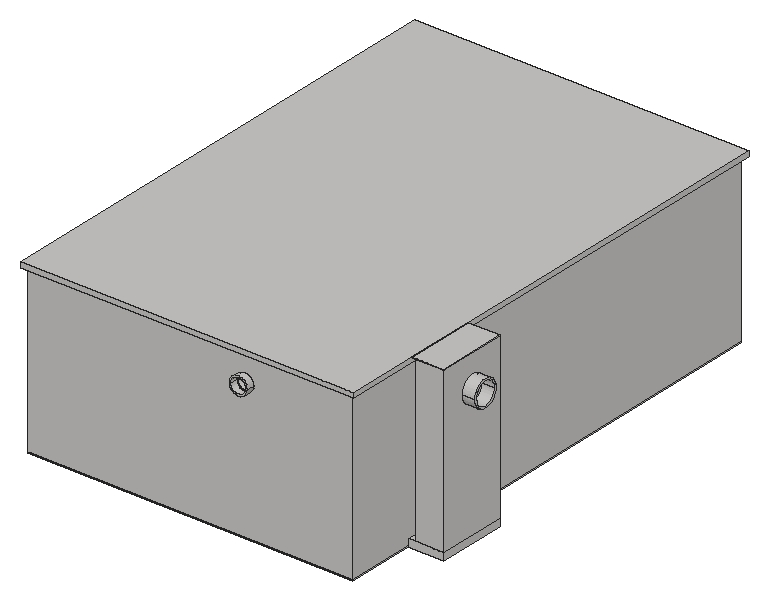
Revit family "Interceptor_Oil_Large_Capacity-Zurn-Z1188-ST", category Plumbing Fixtures, Revit 2022
Family settings
  Round Connector Dimension = Use Radius
  Part Type = Normal
  OmniClass Number = 23.45.30.00
  OmniClass Title = Washing and Waste Disposal Equipment
  Work Plane-Based = No
  Always vertical = Yes
  Cut with Voids When Loaded = No
  Maintain Annotation Orientation = No
  Shared = No
  Room Calculation Point = No
Parameters (values of type "Load Family Type Catalog")
  Width of Body (G) = 65.375"
  Water Capacity Gal (L) = 88.000"
  Waste Connection = 1 = 1  # yes
  WFU = 1  # constant formula
  Vent Radius = 1.000"  # constant formula
  Vent Connection = 1 = 0  # no
  URL = "www.zurn.com"
  Type Comments = "Z1188-ST-75 G.P.M-3 Inch Outlet"
  Sanitary Radius = 1.000"  # constant formula
  Product data url = "https://www.bimobject.com/en/zurnindustries/product/zurn-z1188-st"
  Product Page URL = "https://www.zurn.com/products/drainage-interceptors/interceptors/oils-and-solids-interceptor/z1188-st"
  Product Installation Sheet URL = "https://files.zurn.com/care-cleaning-install-warranty-sheets/it78.pdf"
  Product Documentation Link = "https://files.zurn.com/spec-sheets/82890.pdf"
  Overall Length (F) = 51.375"
  No.of Covers = 1.000"
  Modified Date = "12/26/2025"  # constant formula
  Model = "Z1188-ST"  # constant formula
  Manufacurer Brand = "Zurn"  # constant formula
  Manufacturer = "Zurn Water, LLC"  # constant formula
  Main Material = Steel - Zurn - Fabricated - Acid resistant Coated
  Inlet/Outlet Radius (Inner) = 1.534"
  Inlet/Outlet Radius (Actual) = 1.750"
  Inlet/Outlet Connetor Radius = 1.500"
  Inlet/Outlet (D/E) = 18.500"
  Height of Body (C) = 22.750"
  HWFU = 0  # constant formula
  HW Connection = 1 = 0  # no
  Extented Box Length = 9.250"  # constant formula
  Extension Box Width = 4.250"  # constant formula
  Dimension (J) = 15.500"
  Dimension (H) = 29.250"
  Description = "LARGE CAPACITY OIL INTERCEPTOR W/ INTEGRAL STORAGE TANK"  # constant formula
  Default Elevation = 25.000"  # constant formula
  Date Created = "09/29/2015"  # constant formula
  Center Lenght of G = 14.3125"
  CWFU = 0  # constant formula
  CW Connection = 1 = 0  # no
  Assembly Code = "D2090300"
  Approx. Weight (Lbs) = 615.000"
Reference planes (in)
  plane 1 "Center (Front/Back)": y = 0
  plane 2: z = 0
  plane 3 "Center (Left/Right)": x = 0
Dimensions and locks (in)
  aligned and locked: plane 2 to level
  aligned and locked: plane 3 "Center (Left/Right)" to nested 1
  aligned and locked: level to nested 1
  aligned and locked: nested 1 to plane 1 "Center (Front/Back)"
Nested families (in)
  nested 1: "Z1188-ST" at (0, 32.6875, 22.094), Main Material <- "Main Material", Inlet/Outlet Connetor Radius <- "Inlet/Outlet Connetor Radius", Inlet/Outlet Radius (Inner) <- "Inlet/Outlet Radius (Inner)", Inlet/Outlet Radius (Actual) <- "Inlet/Outlet Radius (Actual)", Height of Body (C) <- "Height of Body (C)", Inlet/Outlet (D/E) <- "Inlet/Outlet (D/E)", Overall Length (F) <- "Overall Length (F)", Width of Body (G) <- "Width of Body (G)", Center Lenght of G <- "Center Lenght of G", Dimension (H) <- "Dimension (H)", Dimension (J) <- "Dimension (J)", Extension Box Width <- "Extension Box Width", Extented Box Length <- "Extented Box Length", Vent Radius <- "Vent Radius", Sanitary Radius <- "Sanitary Radius", type "Load Family Type Catalog"
    with Width of Body (G) 65.375", Vent Radius 1.000", Sanitary Radius 1.000", Overall Length (F) 51.375", Main Material Steel - Zurn - Fabricated - Acid resistant Coated, Inlet/Outlet Radius (Inner) 1.534", Inlet/Outlet Radius (Actual) 1.750", Inlet/Outlet Connetor Radius 1.500", Inlet/Outlet (D/E) 18.500", Height of Body (C) 22.750", Extented Box Length 9.250", Extension Box Width 4.250", Dimension (J) 15.500", Dimension (H) 29.250", Center Lenght of G 14.3125"
Connectors (in)
  piping at (-25.6875, -18.3755, 18.5), diameter 3, driven by "Inlet/Outlet Connetor Radius", driven by "Waste Connection"
    settings: on nested 1, index 1, connector inside diameter 24", connector length 0.000", flow factor 0, pipe flow 0 GPM, pressure drop 0.00 psi, fitting loss kfactor 0, connector angle 0.00°, fixture units 0, engagement length 0.000", angle of deflection 0.00°, flow configuration 0, flow direction 1, fitting loss method 0, system type 16, joint type 0, gender type 0, connector reference index -1, connector utility 1, adjustable connector no, is connector primary yes, connector description "Inlet Connection"
  piping at (25.6875, -18.375, 18.5), diameter 3, driven by "Inlet/Outlet Connetor Radius", driven by "Waste Connection"
    settings: on nested 1, index 2, connector inside diameter 24", connector length 0.000", flow factor 0, pipe flow 0 GPM, pressure drop 0.00 psi, fitting loss kfactor 0, connector angle 0.00°, fixture units 0, engagement length 0.000", angle of deflection 0.00°, flow configuration 0, flow direction 2, fitting loss method 0, system type 16, joint type 0, gender type 0, connector reference index -1, connector utility 1, adjustable connector no, is connector primary no, connector description "Outlet Connection"
  piping at (4.75, -33.125, 18.5), diameter 2, driven by "Vent Radius", driven by "Vent Connection"
    settings: on nested 1, index 3, connector inside diameter 24", connector length 0.000", flow factor 0, pipe flow 0 GPM, pressure drop 0.00 psi, fitting loss kfactor 0, connector angle 0.00°, fixture units 0, engagement length 0.000", angle of deflection 0.00°, flow configuration 0, flow direction 2, fitting loss method 0, system type 17, joint type 0, gender type 0, connector reference index -1, connector utility 0, adjustable connector no, is connector primary no, connector description "Vent Connection"
  piping at (4.75, 33.125, 18.5), diameter 2, driven by "Vent Radius", driven by "Vent Connection"
    settings: on nested 1, index 4, connector inside diameter 24", connector length 0.000", flow factor 0, pipe flow 0 GPM, pressure drop 0.00 psi, fitting loss kfactor 0, connector angle 0.00°, fixture units 0, engagement length 0.000", angle of deflection 0.00°, flow configuration 0, flow direction 2, fitting loss method 0, system type 17, joint type 0, gender type 0, connector reference index -1, connector utility 0, adjustable connector no, is connector primary no, connector description "Vent Connection"
Definition of nested family "Z1188-ST"
  Parameters (values of type "Load Family Type Catalog")
    Width of Body (G) [instance] = 65.375"
    Water Capacity Gal (L) = 88.000"
    Waste Connection = 1 = 1  # yes
    WFU = 1  # constant formula
    Vent Radius [instance] = 1.000"
    Vent Connection = 1 = 0  # no
    URL = "www.zurn.com"
    Type Comments = "Z1188-ST-75 G.P.M-3 Inch Outlet"
    Sanitary Radius [instance] = 1.000"
    Product data url = "https://www.bimobject.com/en/zurnindustries/product/zurn-z1188-st"
    Product Page URL = "https://www.zurn.com/products/drainage-interceptors/interceptors/oils-and-solids-interceptor/z1188-st"
    Product Installation Sheet URL = "https://files.zurn.com/care-cleaning-install-warranty-sheets/it78.pdf"
    Product Documentation Link = "https://files.zurn.com/spec-sheets/82890.pdf"
    Overall Length (F) [instance] = 51.375"
    No.of Covers = 1.000"
    Modified Date = "12/26/2025"  # constant formula
    Model = "Z1188-ST"  # constant formula
    Manufacurer Brand = "Zurn"  # constant formula
    Manufacturer = "Zurn Water, LLC"  # constant formula
    Main Material [instance] = none
    Inlet/Outlet Radius (Inner) [instance] = 1.534"
    Inlet/Outlet Radius (Actual) [instance] = 1.750"
    Inlet/Outlet Connetor Radius [instance] = 1.500"
    Inlet/Outlet (D/E) [instance] = 18.500"
    Height of Body (C) [instance] = 22.750"
    HWFU = 0  # constant formula
    HW Connection = 1 = 0  # no
    Extented Box Length [instance] = 9.250"
    Extension Box Width [instance] = 4.250"
    Dimension (J) [instance] = 15.500"
    Dimension (H) [instance] = 29.250"
    Description = "LARGE CAPACITY OIL INTERCEPTOR W/ INTEGRAL STORAGE TANK"  # constant formula
    Default Elevation = 25.000"  # constant formula
    Date Created = "09/29/2015"  # constant formula
    Center Lenght of G [instance] = 14.3125"
    CWFU = 0  # constant formula
    CW Connection = 1 = 0  # no
    Assembly Code = "D2090300"
    Approx. Weight (Lbs) = 615.000"
  Reference planes (in)
    plane 1 "Center (Front/Back)": y = 0
    plane 2: z = 0
    plane 3 "Center (Left/Right)": x = 0
    plane 4: x = -25.6875
    plane 5: x = 25.6875
    plane 6: z = 0.125
    plane 7: x = -24.5
    plane 8: z = 0.656
    plane 9: z = -22.094
    plane 10: x = 19.687
    plane 11: x = 23.937
    plane 12: z = 0.56225
    plane 13: z = -21.094
    plane 14: x = 19.124
    plane 15: z = -21.969
    plane 16: x = -23.9375
    plane 17: x = 20.1245
    plane 18: x = 22.281
    plane 19: z = -3.594
    plane 20: z = -6.594
    plane 21: z = -9.844
    plane 22: x = 4.75
    plane 23: z = -0.125
    plane 24: z = -21.844
    plane 25: x = 18.999
    plane 26: x = -23.8125
    plane 27: y = -65.375
    plane 28: y = -32.6875
    plane 29: y = -0.5625
    plane 30: y = -64.8125
    plane 31: y = -0.6875
    plane 32: y = -64.6875
    plane 33: z = -1.844
    plane 34: z = -5.344
    plane 35: y = -46.4375
    plane 36: y = -55.6875
    plane 37: y = -65.8125
    plane 38: y = 0.4375
    plane 39: x = 3.5625
    plane 40: x = 5.9375
    plane 41: z = -5.406
    plane 42: z = -7.7815
    plane 43: z = -2.406
    plane 44: z = -4.782
    plane 45: y = -51.0625
    plane 46: y = -49.3125
    plane 47: y = -52.8125
  Forms (in)
    Extrusion 1, solid, material <- "Main Material", detail levels fine
      sketch origin (0, 0, -13.344) x (1, 0, 0) y (0, 0, 1)
        loop
          line (-24.5, 14) -> (-24.5, 13.344) -> (19.687, 13.344) -> (19.687, 14) -> (-24.5, 14)
      from 0 to 65.375
    Extrusion 2, solid, material <- "Main Material", detail levels fine
      sketch origin (11.125, 0, -11.9065) x (1, 0, 0) y (0, 1, 0)
        loop
          line (8.9995, -46.4375) -> (8.9995, -55.6875) -> (12.812, -55.6875) -> (12.812, -46.4375) -> (8.9995, -46.4375)
      from -9.1875 to 12.46875
    Extrusion 3, solid, material <- "Main Material", detail levels fine
      sketch origin (0, -18.375, -13.344) x (0, 1, 0) y (0, 0, 1)
        loop
          circle (-32.6875, 9.75) r 1.75
      from -25.6875 to -23.9375
    Extrusion 4, solid, material <- "Main Material", detail levels fine
      sketch origin (2.6255, -1.53679, -13.344) x (1, 0, 0) y (0, 0, 1)
        loop
          line (16.4985, -7.75) -> (16.4985, -8.75) -> (21.3115, -8.75) -> (21.3115, -7.75) -> (16.4985, -7.75)
      from 44.90071 to 54.15071
    Extrusion 5, solid, material <- "Main Material", detail levels fine
      sketch origin (0.4375, -65.375, -13.344) x (1, 0, 0) y (0, 0, 1)
        loop
          line (19.2495, 14) -> (19.2495, 13.90625) -> (23.4995, 13.90625) -> (23.4995, 14) -> (19.2495, 14)
      from -18.9375 to -9.6875
    Extrusion 6, solid, material <- "Main Material", detail levels fine
      sketch origin (0, -65.375, -13.344) x (1, 0, 0) y (0, 0, 1)
        loop
          circle (4.75, 9.75) r 1.188
      from -65.8125 to 0.4375
    Extrusion 7, solid, material <- "Main Material", detail levels fine
      sketch origin (0, -65.375, -13.344) x (1, 0, 0) y (0, 0, 1)
        loop
          line (-23.9375, -8.625) -> (-23.9375, -8.75) -> (19.124, -8.75) -> (19.124, -8.625) -> (-23.9375, -8.625)
      from -0.5625 to -64.8125
    Extrusion 8, solid, material <- "Main Material", detail levels fine
      sketch origin (0, -65.375, -13.344) x (1, 0, 0) y (0, 0, 1)
        loop
          line (-23.9375, 13.344) -> (-23.9375, -8.625) -> (19.124, -8.625) -> (19.124, 13.344) -> (-23.9375, 13.344)
      from -0.5625 to -64.8125
    Extrusion 9, void, detail levels fine
      sketch origin (0, 0, 0) x (1, 0, 0) y (0, 1, 0)
        loop
          line (-23.8125, -0.6875) -> (-23.8125, -64.6875) -> (18.999, -64.6875) -> (18.999, -0.6875) -> (-23.8125, -0.6875)
      from -21.844 to -0.125
    Extrusion 10, solid, material <- "Main Material", detail levels fine
      sketch origin (0, -18.3745, -13.344) x (0, 1, 0) y (0, 0, -1)
        loop
          circle (-32.688, -9.75) r 1.75
      from -25.6875 to -23.937
    Extrusion 11, void, detail levels fine
      sketch origin (0, -18.3745, 0) x (0, 1, 0) y (0, 0, 1)
        loop
          circle (-32.688, -3.594) r 1.534
      from 23.937 to 25.6875
    Extrusion 12, void, detail levels fine
      sketch origin (0, -18.375, 0) x (0, 1, 0) y (0, 0, 1)
        loop
          circle (-32.688, -3.594) r 1.534
      from -25.6875 to -23.9375
    Extrusion 13, void, detail levels fine
      sketch origin (0, 0, 0) x (1, 0, 0) y (0, 0, 1)
        loop
          circle (4.75, -3.594) r 1
      from -0.4375 to 65.8125
  Cuts and joins
    Extrusion 9, Extrusion 11, Extrusion 12, Extrusion 13 cuts Extrusion 8
    Extrusion 13 cuts Extrusion 6
    Extrusion 9 cuts Extrusion 1
    Extrusion 11, Extrusion 12 cuts Extrusion 2
    Extrusion 11, Extrusion 12 cuts Extrusion 10
    Extrusion 12 cuts Extrusion 3
  Lines and regions (in)
    Masking region 1, detail levels fine
      outline origin (-16.5126, -180, -3.594) x (-1, 0, 0) y (0, -1, 0)
        loop
          line (-42.2001, -127.1875) -> (-42.2001, -130.6875) -> (-40.4496, -130.6875) -> (-40.4496, -133.5625) -> (-36.1996, -133.5625) -> (-36.1996, -180) -> (-22.4501, -180) -> (-22.4501, -180.4375) -> (-20.0751, -180.4375) -> (-20.0751, -180) -> (7.9874, -180) -> (7.9874, -130.6875) -> (9.1749, -130.6875) -> (9.1749, -127.1875) -> (7.9874, -127.1875) -> (7.9874, -114.625) -> (-20.0751, -114.625) -> (-20.0751, -114.1875) -> (-22.4501, -114.1875) -> (-22.4501, -114.625) -> (-36.1996, -114.625) -> (-36.1996, -124.3125) -> (-40.4496, -124.3125) -> (-40.4496, -127.1875) -> (-42.2001, -127.1875)
    model lines, detail levels coarse+medium
      curve 1: line (-24.5, 0, 0.656) -> (-24.5, -65.375, 0.656)
      curve 2: line (-25.6875, -49.3125, -3.594) -> (-25.6875, -52.8125, -3.594)
      curve 21: line (4.75, 0.4375, -2.406) -> (4.75, 0.4375, -4.782)
      curve 22: line (4.75, -65.8125, -2.406) -> (4.75, -65.8125, -4.782)
      curve 23: line (4.75, 0.4375, -3.594) -> (4.75, -65.8125, -3.594)
      curve 24: line (3.5625, 0.4375, -3.594) -> (5.9375, 0.4375, -3.594)
      curve 25: line (3.5625, -65.8125, -3.594) -> (5.9375, -65.8125, -3.594)
      curve 30: line (-24.5, -32.6875, 0.656) -> (-24.5, -32.6875, 0)
      curve 31: line (-24.5, -32.6875, 0) -> (-23.9375, -32.6875, 0)
      curve 32: line (-23.9375, -32.6875, 0) -> (-23.9375, -32.6875, -22.094)
      curve 33: line (-24.5, -32.6875, 0.656) -> (19.687, -32.6875, 0.656)
      curve 34: line (19.687, -32.6875, 0.656) -> (19.687, -32.6875, 0)
      curve 35: line (19.124, -32.6875, 0) -> (19.687, -32.6875, 0)
      curve 36: line (19.124, -32.6875, 0) -> (19.124, -32.6875, -22.094)
      curve 37: line (-23.9375, -32.6875, -22.094) -> (19.124, -32.6875, -22.094)
      curve 38: line (19.687, 0, 0.656) -> (19.687, -65.375, 0.656)
      curve 39: line (-24.5, -65.375, 0.656) -> (19.687, -65.375, 0.656)
      curve 40: line (-24.5, 0, 0.656) -> (19.687, 0, 0.656)
      curve 41: line (-25.6875, -51.0625, -3.594) -> (25.6875, -51.0625, -3.594)
      curve 42: line (-25.6875, -49.3125, -3.594) -> (-25.6875, -52.8125, -3.594)
      curve 43: line (25.6875, -49.3125, -3.594) -> (25.6875, -52.8125, -3.594)
      curve 44: line (-25.6875, -51.0625, -1.844) -> (-25.6875, -51.0625, -5.344)
      curve 45: line (25.6875, -51.0625, -1.844) -> (25.6875, -51.0625, -5.344)
    symbolic lines, detail levels coarse+medium
      curve 3: line (-24.5, -32.6875, 0.656) -> (23.937, -32.6875, 0.656)
      curve 4: line (-24.5, -32.6875, 0.656) -> (-24.5, -32.6875, 0)
      curve 5: line (-24.5, -32.6875, 0) -> (-23.9375, -32.6875, 0)
      curve 6: line (-23.9375, -32.6875, 0) -> (-23.9375, -32.6875, -22.094)
      curve 7: line (-23.9375, -32.6875, -22.094) -> (23.937, -32.6875, -22.094)
      curve 8: line (23.937, -32.6875, 0.656) -> (23.937, -32.6875, -22.094)
      curve 9: line (-25.6875, -32.6875, -3.594) -> (25.6875, -32.6875, -3.594)
      curve 10: line (25.6875, -32.6875, -1.844) -> (25.6875, -32.6875, -5.344)
      curve 11: line (-25.6875, -32.6875, -1.844) -> (-25.6875, -32.6875, -5.344)
      curve 12: line (4.75, 0, 0.656) -> (4.75, -65.375, 0.656)
      curve 13: line (4.75, -0.5625, 0) -> (4.75, -0.5625, -22.094)
      curve 14: line (4.75, -64.8125, 0) -> (4.75, -64.8125, -22.094)
      curve 15: line (4.75, -65.375, 0.656) -> (4.75, -65.375, 0)
      curve 16: line (4.75, -65.375, 0) -> (4.75, -64.8125, 0)
      curve 17: line (4.75, 0, 0.656) -> (4.75, 0, 0)
      curve 18: line (4.75, 0, 0) -> (4.75, -0.5625, 0)
      curve 19: line (4.75, -0.5625, -22.094) -> (4.75, -64.8125, -22.094)
      curve 20: line (4.75, 0.4375, -3.594) -> (4.75, -65.8125, -3.594)
      curve 28: line (4.75, -32.6875, -1.844) -> (4.75, -32.6875, -5.344)
      curve 29: line (4.75, -32.6875, -2.406) -> (4.75, -32.6875, -4.782)
    symbolic lines
      curve 26: line (4.75, 0.4375, -2.406) -> (4.75, 0.4375, -4.782)
      curve 27: line (4.75, -65.8125, -2.406) -> (4.75, -65.8125, -4.782)
  Dimensions and locks (in)
    equal spacing: plane 5, plane 3 "Center (Left/Right)", plane 4
    "Overall Length (F)": plane 5 to plane 4
    plane 7 to plane 4 = 1.1875"
    plane 8 to level = 0.656"
    "Height of Body (C)": plane 8 to plane 9
    "Extension Box Width": plane 11 to plane 10
    plane 8 to plane 12 = 0.09375"
    locked: plane 13 to plane 9 at 1
    plane 15 to plane 9 = 0.125"
    plane 18 to plane 10 = 2.594"
    "Inlet/Outlet (D/E)": plane 19 to plane 9
    "Dimension (J)": plane 20 to plane 9
    "Dimension (H)": plane 22 to plane 7
    plane 16 to plane 7 = 0.5625"
    plane 10 to plane 14 = 0.563"
    plane 5 to plane 11 = 1.7505"
    plane 26 to plane 16 = 0.125"
    level to plane 23 = 0.125"
    plane 24 to plane 15 = 0.125"
    plane 4 to plane 5 = 51.375"
    "Width of Body (G)": plane 27 to plane 1 "Center (Front/Back)"
    equal spacing: plane 27, plane 28, plane 1 "Center (Front/Back)"
    plane 14 to plane 25 = 0.125"
    plane 32 to plane 30 = 0.125"
    plane 29 to plane 31 = 0.125"  (x2)
    "Width of Body (G)": plane 1 "Center (Front/Back)" to plane 27
    "Inlet/Outlet Radius (Actual)": plane 33 to plane 19
    "Inlet/Outlet Radius (Actual)": plane 19 to plane 34
    plane 36 to plane 35 = 9.250"
    plane 37 to plane 30 = 1.000"
    plane 29 to plane 38 = 1.000"
    plane 17 to plane 10 = 0.4375"
    locked: plane 30 to plane 27 at 0.5625
    locked: plane 1 "Center (Front/Back)" to plane 29 at 0.5625
    plane 39 to plane 22 = 1.1875"
    plane 22 to plane 40 = 1.1875"
    locked: plane 41 to plane 20 at 1.188
    locked: plane 20 to plane 42 at 1.1875
    locked: plane 43 to plane 19 at 1.188
    locked: plane 19 to plane 44 at 1.188
    plane 33 to plane 19 = 1.750"
    plane 19 to plane 34 = 1.750"
    "Center Lenght of G": plane 45 to plane 27
    plane 45 to plane 36 = 4.625"
    plane 35 to plane 45 = 4.625"
    "Extented Box Length": plane 35 to plane 36
    "Inlet/Outlet Radius (Actual)": plane 47 to plane 45
    "Inlet/Outlet Radius (Actual)": plane 45 to plane 46
    "Inlet/Outlet Radius (Actual)": radius of Extrusion 3 sketch curve
    "Inlet/Outlet Radius (Actual)": radius of Extrusion 10 sketch curve
    "Inlet/Outlet Radius (Inner)": radius of Extrusion 11 sketch curve
    "Inlet/Outlet Radius (Inner)": radius of Extrusion 12 sketch curve
    radius of Extrusion 6 sketch curve = 1.188"
    radius of Extrusion 13 sketch curve = 1.000"
    aligned and locked: plane 2 to level
    aligned and locked: Extrusion 1 to plane 8  (x2)
    aligned and locked: Extrusion 1 to plane 7  (x2)
    aligned and locked: plane 10 to Extrusion 1  (x2)
    aligned and locked: Extrusion 5 to plane 8
    aligned and locked: plane 12 to Extrusion 5
    aligned and locked: Extrusion 4 to plane 13  (x2)
    aligned and locked: Extrusion 4 to plane 11  (x2)
    aligned and locked: cut or joined group of Extrusion 8, Extrusion 9, Extrusion 11, Extrusion 12, Extrusion 13 to plane 14  (x2)
    aligned and locked: plane 14 to Extrusion 4  (x2)
    aligned and locked: Extrusion 4 to plane 9
    aligned and locked: cut or joined group of Extrusion 8, Extrusion 9, Extrusion 11, Extrusion 12, Extrusion 13 to plane 15
    aligned and locked: Extrusion 1 to level
    aligned and locked: Extrusion 5 to plane 10  (x2)
    aligned and locked: plane 11 to Extrusion 5  (x3)
    aligned and locked: Extrusion 8 sketch curve to level
    aligned and locked: plane 16 to Extrusion 8 sketch curve
    aligned and locked: Extrusion 8 sketch curve to plane 14
    aligned and locked: Extrusion 8 sketch curve to plane 15
    aligned and locked: plane 27 to Extrusion 1
    aligned and locked: Extrusion 1 to plane 1 "Center (Front/Back)"
    aligned and locked: plane 11 to Extrusion 4  (x2)
    aligned and locked: plane 30 to cut or joined group of Extrusion 8, Extrusion 9, Extrusion 11, Extrusion 12, Extrusion 13
    aligned and locked: cut or joined group of Extrusion 8, Extrusion 9, Extrusion 11, Extrusion 12, Extrusion 13 to plane 29
    aligned and locked: plane 14 to cut or joined group of Extrusion 8, Extrusion 9, Extrusion 11, Extrusion 12, Extrusion 13
    aligned and locked: Extrusion 9 sketch curve to plane 25
    aligned and locked: Extrusion 9 sketch curve to plane 32
    aligned and locked: plane 26 to Extrusion 9 sketch curve
    aligned and locked: Extrusion 9 sketch curve to plane 31
    aligned and locked: cut or joined group of Extrusion 8, Extrusion 9, Extrusion 11, Extrusion 12, Extrusion 13 to plane 24
    aligned and locked: cut or joined group of Extrusion 8, Extrusion 9, Extrusion 11, Extrusion 12, Extrusion 13 to plane 23
    aligned and locked: plane 19 to Extrusion 3 sketch curve
    aligned and locked: plane 19 to Extrusion 10 sketch curve
    aligned and locked: plane 19 to Extrusion 11 sketch curve
    aligned and locked: plane 5 to Extrusion 11
    aligned and locked: Extrusion 3 to cut or joined group of Extrusion 8, Extrusion 9, Extrusion 11, Extrusion 12, Extrusion 13
    aligned and locked: plane 19 to Extrusion 12 sketch curve
    aligned and locked: Extrusion 3 to Extrusion 12
    aligned and locked: Extrusion 12 to plane 4
    aligned and locked: Extrusion 5 to plane 35
    aligned and locked: Extrusion 5 to plane 36
    aligned and locked: Extrusion 4 to plane 35
    aligned and locked: plane 36 to Extrusion 4
    aligned and locked: plane 35 to Extrusion 4
    aligned and locked: plane 38 to cut or joined group of Extrusion 6, Extrusion 13
    aligned and locked: cut or joined group of Extrusion 6, Extrusion 13 to plane 37
    aligned and locked: plane 22 to Extrusion 6 sketch curve
    aligned and locked: plane 5 to cut or joined group of Extrusion 10, Extrusion 11, Extrusion 12
    aligned and locked: cut or joined group of Extrusion 3, Extrusion 12 to plane 4
    aligned and locked: cut or joined group of Extrusion 2, Extrusion 11, Extrusion 12 to plane 17  (x2)
    aligned and locked: cut or joined group of Extrusion 2, Extrusion 11, Extrusion 12 to plane 11
    aligned and locked: cut or joined group of Extrusion 2, Extrusion 11, Extrusion 12 to plane 12
    aligned and locked: cut or joined group of Extrusion 2, Extrusion 11, Extrusion 12 to plane 13
    aligned and locked: plane 22 to Extrusion 13 sketch curve
    aligned and locked: cut or joined group of Extrusion 6, Extrusion 13 to Extrusion 13  (x2)
    aligned and locked: cut or joined group of Extrusion 1, Extrusion 9 to plane 27
    aligned and locked: plane 27 to curve 1
    aligned and locked: curve 2 to plane 19
    aligned and locked: curve 5 to level
    aligned and locked: curve 9 to plane 19
    aligned and locked: plane 33 to curve 11
    aligned and locked: plane 34 to curve 11
    aligned and locked: curve 11 to plane 4
    aligned and locked: curve 10 to plane 33
    aligned and locked: plane 34 to curve 10
    aligned and locked: curve 10 to plane 5
    aligned and locked: plane 27 to curve 12
    aligned and locked: curve 12 to plane 8
    aligned and locked: level to curve 15
    aligned and locked: plane 30 to curve 16
    aligned and locked: plane 27 to curve 16
    aligned and locked: curve 17 to plane 1 "Center (Front/Back)"
    aligned and locked: plane 29 to curve 18
    aligned and locked: curve 18 to level
    aligned and locked: level to curve 13
    aligned and locked: plane 9 to curve 13
    aligned and locked: level to curve 14
    aligned and locked: plane 29 to curve 19
    aligned and locked: plane 30 to curve 19
    aligned and locked: plane 37 to curve 20
    aligned and locked: cut or joined group of Extrusion 10, Extrusion 11, Extrusion 12 to plane 11  (x2)
    aligned and locked: Extrusion 7 to plane 9
    aligned and locked: Extrusion 7 to plane 15
    aligned and locked: cut or joined group of Extrusion 8, Extrusion 9, Extrusion 11, Extrusion 12, Extrusion 13 to Extrusion 7
    aligned and locked: plane 19 to Extrusion 6 sketch curve
    aligned and locked: plane 43 to curve 21
    aligned and locked: plane 44 to curve 21
    aligned and locked: plane 38 to curve 21
    aligned and locked: plane 43 to curve 22
    aligned and locked: plane 44 to curve 22
    aligned and locked: plane 37 to curve 22
    aligned and locked: plane 38 to curve 23
    aligned and locked: plane 37 to curve 23
    aligned and locked: curve 23 to plane 22
    aligned and locked: plane 39 to curve 24
    aligned and locked: plane 40 to curve 24
    aligned and locked: curve 24 to plane 38
    aligned and locked: curve 25 to plane 39
    aligned and locked: curve 25 to plane 40
    aligned and locked: curve 25 to plane 37
    aligned and locked: curve 20 to plane 19
    aligned and locked: plane 43 to curve 26
    aligned and locked: plane 44 to curve 26
    aligned and locked: plane 38 to curve 26
    aligned and locked: plane 43 to curve 27
    aligned and locked: plane 44 to curve 27
    aligned and locked: plane 37 to curve 27
    aligned and locked: plane 33 to curve 28
    aligned and locked: plane 34 to curve 28
    aligned and locked: plane 28 to curve 28
    aligned and locked: plane 43 to curve 29
    aligned and locked: plane 44 to curve 29
    aligned and locked: curve 29 to plane 22
    aligned and locked: plane 35 to Extrusion 5
    aligned and locked: plane 36 to Extrusion 5
    aligned and locked: curve 2 to plane 4
    aligned and locked: cut or joined group of Extrusion 2, Extrusion 11, Extrusion 12 to plane 36
    aligned and locked: plane 45 to Extrusion 10 sketch curve
    aligned and locked: curve 30 to plane 7
    aligned and locked: plane 7 to curve 31
    aligned and locked: level to curve 32
    aligned and locked: curve 32 to plane 16
    aligned and locked: curve 34 to plane 8
    aligned and locked: level to curve 34
    aligned and locked: curve 34 to plane 10
    aligned and locked: plane 10 to curve 35
    aligned and locked: plane 14 to curve 35
    aligned and locked: level to curve 36
    aligned and locked: plane 9 to curve 36
    aligned and locked: plane 10 to curve 33
    aligned and locked: curve 33 to plane 8
    aligned and locked: plane 16 to curve 37
    aligned and locked: curve 37 to plane 14
    aligned and locked: curve 37 to plane 9
    aligned and locked: plane 1 "Center (Front/Back)" to curve 38
    aligned and locked: plane 27 to curve 38
    aligned and locked: curve 38 to plane 10
    aligned and locked: plane 7 to curve 39
    aligned and locked: plane 10 to curve 39
    aligned and locked: plane 7 to curve 40
    aligned and locked: plane 1 "Center (Front/Back)" to curve 40
    aligned and locked: plane 4 to curve 41
    aligned and locked: plane 46 to curve 42
    aligned and locked: plane 47 to curve 42
    aligned and locked: curve 42 to plane 4
    aligned and locked: plane 5 to curve 41
    aligned and locked: curve 41 to plane 45
    aligned and locked: plane 46 to curve 43
    aligned and locked: plane 47 to curve 43
    aligned and locked: curve 43 to plane 5
    aligned and locked: plane 33 to curve 44
    aligned and locked: plane 34 to curve 44
    aligned and locked: plane 45 to curve 44
    aligned and locked: plane 33 to curve 45
    aligned and locked: plane 34 to curve 45
    aligned and locked: curve 45 to plane 45
    aligned and locked: Masking region 1 sketch curve to cut or joined group of Extrusion 10, Extrusion 11, Extrusion 12
    aligned and locked: Masking region 1 sketch curve to cut or joined group of Extrusion 3, Extrusion 12
    aligned and locked: plane 38 to Masking region 1 sketch curve
    aligned and locked: plane 1 "Center (Front/Back)" to Masking region 1 sketch curve  (x4)
    aligned and locked: Masking region 1 sketch curve to plane 39
    aligned and locked: Masking region 1 sketch curve to plane 40
    aligned and locked: plane 7 to Masking region 1 sketch curve  (x2)
    aligned and locked: plane 39 to Masking region 1 sketch curve
    aligned and locked: plane 40 to Masking region 1 sketch curve
    aligned and locked: plane 10 to Masking region 1 sketch curve
    aligned and locked: cut or joined group of Extrusion 6, Extrusion 13 to Masking region 1 sketch curve  (x2)
    aligned and locked: plane 46 to Masking region 1 sketch curve
    aligned and locked: plane 47 to Masking region 1 sketch curve
    aligned and locked: plane 27 to Masking region 1 sketch curve  (x2)
    aligned and locked: Masking region 1 sketch curve to plane 7
    aligned and locked: Masking region 1 sketch curve to plane 46  (x2)
    aligned and locked: plane 4 to Masking region 1 sketch curve
    aligned and locked: Masking region 1 sketch curve to plane 47  (x2)
    aligned and locked: Masking region 1 sketch curve to plane 35
    aligned and locked: Masking region 1 sketch curve to Extrusion 5  (x2)
    aligned and locked: plane 36 to Masking region 1 sketch curve
    aligned and locked: Masking region 1 sketch curve to plane 11  (x2)
    aligned and locked: plane 11 to Masking region 1 sketch curve
    aligned and locked: plane 5 to Masking region 1 sketch curve
    aligned and locked: Masking region 1 sketch curve to plane 10
  Automatic sketch dimensions
    Extrusion 1 sketch curve to level = 0.000"
    Extrusion 1 sketch curve to plane 7 = 0.000"
    Extrusion 1 sketch curve to plane 10 = 0.000"
    Extrusion 1 sketch curve to plane 8 = 0.000"
    Extrusion 2 sketch curve to plane 17 = 0.000"
    Extrusion 2 sketch curve to plane 11 = 0.000"
    plane 36 to Extrusion 2 sketch curve = 0.000"
    Extrusion 2 sketch curve to plane 35 = 0.000"
    Extrusion 4 sketch curve to plane 9 = 0.000"
    Extrusion 4 sketch curve to plane 14 = 0.000"
    Extrusion 4 sketch curve to plane 11 = 0.000"
    plane 13 to Extrusion 4 sketch curve = 0.000"
    Extrusion 1 to Extrusion 5 sketch curve = 0.000"
    Extrusion 5 sketch curve to Extrusion 1 = 0.000"
    Extrusion 5 sketch curve to Extrusion 1 = 0.09375"
    Extrusion 1 to Extrusion 5 sketch curve = 4.250"
    Extrusion 7 sketch curve to Extrusion 1 = 0.5625"
    Extrusion 7 sketch curve to Extrusion 1 = 0.563"
    Extrusion 1 to Extrusion 7 sketch curve = 22.094"
    Extrusion 7 sketch curve to Extrusion 7 sketch curve = 0.125"
    Extrusion 13 sketch curve to plane 19 = 0.000"
    Extrusion 3 sketch curve to plane 45 = 0.000"
    curve 12 to plane 1 "Center (Front/Back)" = 0.000"
    curve 7 to plane 11 = 0.000"
    curve 2 to plane 46 = 0.000"
    curve 2 to plane 47 = 0.000"
    Masking region 1 sketch curve to plane 40 = 0.000"
    Masking region 1 sketch curve to plane 39 = 0.000"
    Extrusion 11 sketch curve to plane 45 = 0.000"
    Extrusion 12 sketch curve to plane 45 = 0.0005"
  Connectors (in)
    piping at (4.75, 0.4375, -3.594), diameter 2, driven by "Vent Radius", driven by "Vent Connection"
      settings: on cut or joined group of Extrusion 6, Extrusion 13, index 3, connector inside diameter 24", connector length 0.000", flow factor 0, pipe flow 0 GPM, pressure drop 0.00 psi, fitting loss kfactor 0, connector angle 0.00°, fixture units 0, engagement length 0.000", angle of deflection 0.00°, flow configuration 0, flow direction 2, fitting loss method 0, system type 17, joint type 0, gender type 0, connector reference index -1, connector utility 0, adjustable connector no, is connector primary yes, connector description "Vent Connection"
    piping at (4.75, -65.8125, -3.594), diameter 2, driven by "Vent Radius", driven by "Vent Connection"
      settings: on cut or joined group of Extrusion 6, Extrusion 13, index 4, connector inside diameter 24", connector length 0.000", flow factor 0, pipe flow 0 GPM, pressure drop 0.00 psi, fitting loss kfactor 0, connector angle 0.00°, fixture units 0, engagement length 0.000", angle of deflection 0.00°, flow configuration 0, flow direction 2, fitting loss method 0, system type 17, joint type 0, gender type 0, connector reference index -1, connector utility 0, adjustable connector no, is connector primary no, connector description "Vent Connection"
    piping at (25.6875, -51.0625, -3.594), diameter 3, driven by "Inlet/Outlet Connetor Radius", driven by "Waste Connection"
      settings: on cut or joined group of Extrusion 10, Extrusion 11, Extrusion 12, index 7, connector inside diameter 24", connector length 0.000", flow factor 0, pipe flow 0 GPM, pressure drop 0.00 psi, fitting loss kfactor 0, connector angle 0.00°, fixture units 0, engagement length 0.000", angle of deflection 0.00°, flow configuration 0, flow direction 2, fitting loss method 0, system type 16, joint type 0, gender type 0, connector reference index -1, connector utility 1, adjustable connector no, is connector primary no, connector description "Outlet Connection"
    piping at (-25.6875, -51.063, -3.594), diameter 3, driven by "Inlet/Outlet Connetor Radius", driven by "Waste Connection"
      settings: on cut or joined group of Extrusion 3, Extrusion 12, index 8, connector inside diameter 24", connector length 0.000", flow factor 0, pipe flow 0 GPM, pressure drop 0.00 psi, fitting loss kfactor 0, connector angle 0.00°, fixture units 0, engagement length 0.000", angle of deflection 0.00°, flow configuration 0, flow direction 1, fitting loss method 0, system type 16, joint type 0, gender type 0, connector reference index -1, connector utility 1, adjustable connector no, is connector primary no, connector description "Inlet Connection"
Types in the file's own list only (11): name | Width of Body (G) | Water Capacity Gal (L) | Vent Radius | Type Comments | Sanitary Radius | Overall Length (F) | No.of Covers | Inlet/Outlet Radius (Inner) | Inlet/Outlet Radius (Actual) | Inlet/Outlet Connetor Radius | Inlet/Outlet (D/E) | Height of Body (C) | Extented Box Length | Extension Box Width | Dimension (J) | Dimension (H) | Default Elevation | Center Lenght of G | Approx. Weight (Lbs)
  Z1188-ST-75 G.P.M-3" | 65.375 " | 88.000 " | 1.000 " | "Z1188-ST-75 G.P.M-3 Inch Outlet" | 1.000 " | 51.375 " | 1.000 " | 1.534 " | 1.750 " | 1.500 " | 18.500 " | 22.750 " | 9.250 " | 4.250 " | 15.500 " | 29.250 " | 25.000 " | 14.313 " | 615.000 "
  Z1188-ST-100 G.P.M-3" | 82.375 " | 159.000 " | 1.000 " | "Z1188-ST-100 G.P.M-3 Inch Outlet" | 1.000 " | 60.375 " | 1.000 " | 1.534 " | 1.750 " | 1.500 " | 23.000 " | 27.000 " | 9.250 " | 4.250 " | 19.750 " | 35.250 " | 25.000 " | 16.813 " | 800.000 "
  Z1188-ST-125 G.P.M-3" | 84.625 " | 208.000 " | 1.000 " | "Z1188-ST-125 G.P.M-3 Inch Outlet" | 1.000 " | 64.250 " | 2.000 " | 1.534 " | 1.750 " | 1.500 " | 24.500 " | 30.125 " | 9.250 " | 4.250 " | 21.000 " | 36.000 " | 25.000 " | 20.000 " | 1450.000 "
  Z1188-ST-150 G.P.M-4" | 82.750 " | 235.000 " | 1.000 " | "Z1188-ST-150 G.P.M-4 Inch Outlet" | 1.000 " | 68.250 " | 2.000 " | 2.013 " | 2.250 " | 2.000 " | 25.250 " | 30.750 " | 9.250 " | 4.250 " | 21.625 " | 38.688 " | 25.000 " | 20.813 " | 1640.000 "
  Z1188-ST-200 G.P.M-4" | 92.750 " | 333.000 " | 1.000 " | "Z1188-ST-200 G.P.M-4 Inch Outlet" | 1.000 " | 71.375 " | 2.000 " | 2.013 " | 2.250 " | 2.000 " | 29.875 " | 35.500 " | 9.250 " | 4.250 " | 26.375 " | 43.500 " | 25.000 " | 21.813 " | 1950.000 "
  Z1188-ST-250 G.P.M-5" | 95.625 " | 445.000 " | 1.000 " | "Z1188-ST-250 G.P.M-5 Inch Outlet" | 1.000 " | 75.500 " | 2.000 " | 2.524 " | 2.782 " | 2.500 " | 36.000 " | 41.000 " | 9.250 " | 4.250 " | 32.500 " | 40.750 " | 25.000 " | 25.813 " | 2650.000 "
  Z1188-ST-300 G.P.M-5" | 92.375 " | 664.000 " | 1.000 " | "Z1188-ST-300 G.P.M-5 Inch Outlet" | 1.000 " | 82.375 " | 2.000 " | 2.524 " | 2.782 " | 2.500 " | 39.625 " | 46.250 " | 9.250 " | 4.250 " | 37.750 " | 48.006 " | 25.000 " | 29.313 " | 3400.000 "
  Z1188-ST-350 G.P.M-6" | 104.750 " | 1006.000 " | 1.000 " | "Z1188-ST-350 G.P.M-6 Inch Outlet" | 1.000 " | 103.125 " | 2.000 " | 3.033 " | 3.313 " | 3.000 " | 43.875 " | 50.500 " | 9.250 " | 4.250 " | 40.375 " | 61.938 " | 25.000 " | 31.313 " | 4000.000 "
  Z1188-ST-400 G.P.M-6" | 102.625 " | 1266.000 " | 1.000 " | "Z1188-ST-400 G.P.M-6 Inch Outlet" | 1.000 " | 110.125 " | 2.000 " | 3.033 " | 3.313 " | 3.000 " | 47.625 " | 54.250 " | 9.250 " | 4.250 " | 44.125 " | 66.563 " | 25.000 " | 33.500 " | 4700.000 "
  Z1188-ST-450 G.P.M-6" | 102.875 " | 1575.000 " | 1.000 " | "Z1188-ST-450 G.P.M-6 Inch Outlet" | 1.000 " | 123.125 " | 2.000 " | 3.033 " | 3.313 " | 3.000 " | 48.625 " | 55.250 " | 9.250 " | 4.250 " | 44.625 " | 75.250 " | 25.000 " | 36.000 " | 5200.000 "
  Z1188-ST-500 G.P.M-6" | 103.625 " | 1695.000 " | 1.000 " | "Z1188-ST-500 G.P.M-6 Inch Outlet" | 1.000 " | 124.125 " | 2.000 " | 3.033 " | 3.313 " | 3.000 " | 51.652 " | 57.250 " | 9.250 " | 4.250 " | 48.125 " | 73.938 " | 25.000 " | 37.000 " | 5500.000 "
